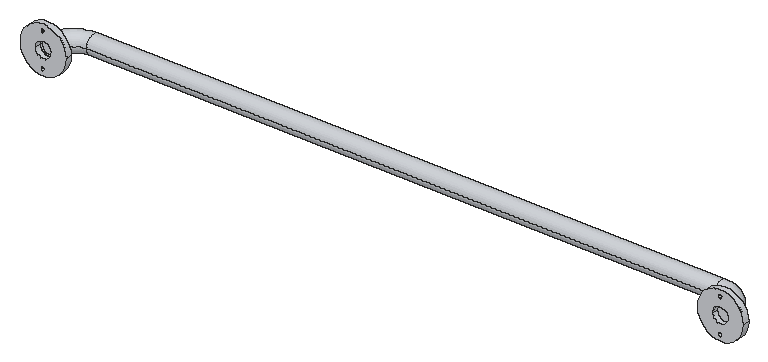
Revit family "AX8032X1270_0007", category Appareils sanitaires, Revit 2016
Family settings
  Hôte = Mur
  Type d'élément = Normal
  Cote de connecteur circulaire = Utiliser le diamètre
  Numéro OmniClass = 23.75.00.00
  Titre OmniClass = Climate Control (HVAC)
  Toujours verticalement = Oui
  Couper avec des vides une fois chargée = Non
  Partagée = Non
  Point de calcul de pièce = Non
Parameters (values of type "Type 1")
  URL = "https://www.axeuro.com/fr/barres-dappui-droites/24477-barre-d-appui-ax8032x1270.html"
  Type de produit / Type of product = "Barre de sécurité / Grab bar"  # constant formula
  Référence / Reference = "AX8032X1270"  # constant formula
  Model = ""
  Manufacturer = ""
  Entreprise / Company = "Axeuro"  # constant formula
  Description = ""
Reference planes
  plane 1 "Mur": y = 0
  plane 2 "Centre (gauche/droite)": x = 0
  plane 3 "Arrière": y = 75
  plane 4: z = 0
  plane 5: x = 800
  plane 6: z = 834.879
  plane 7: x = -800
Forms (mm)
  Extrusion 1, solid
    sketch origin (-404.5, 75, 0) x (-1, 0, 0) y (0, 0, -1)
      loop
        circle (190, -669.455) r 40.5
    from -10 to 0
  Sweep 2, solid
    path origin (628.5, -18.736, 669.511) x (1, 0, 0) y (0, 1, 0)
      loop
        line (-1223, 103.736) -> (-1223, 105.837)
        arc (-1223, 105.837) -> (-1210.142, 136.878) -> (-1179.102, 149.735) r 43.898
        line (-1179.102, 149.735) -> (-77.898, 149.735)
        arc (-77.898, 149.735) -> (-46.858, 136.878) -> (-34, 105.837) r 43.898
        line (-34, 105.837) -> (-34, 103.736)
    profile origin (0, 131, 669.511) x (0, 1, 0) y (0, 0, 1)
      loop
        circle (0, 0) r 16
  Extrusion 3, void
    sketch origin (444.5, 0, 0) x (1, 0, 0) y (0, 0, 1)
      loop
        circle (150, 669.455) r 14
    from -88.969 to -75
  Extrusion 4, void
    sketch origin (-444.5, 0, 0) x (-1, 0, 0) y (0, 0, -1)
      loop
        circle (150, -669.455) r 14
    from -88.969 to -75
  Extrusion 5, void
    sketch origin (-800.622, 0, 1337.127) x (1, 0, 0) y (0, 0, 1)
      loop
        circle (206.122, -697.622) r 3
    from -79.397 to -75
  Extrusion 6, void
    sketch origin (-800.622, 0, 1.883) x (1, 0, 0) y (0, 0, 1)
      loop
        circle (206.122, 697.622) r 3
    from -79.397 to -75
  Extrusion 7, void
    sketch origin (800.622, 0, 1337.127) x (-1, 0, 0) y (0, 0, -1)
      loop
        circle (206.122, 697.622) r 3
    from -79.397 to -75
  Extrusion 8, void
    sketch origin (800.622, 0, 1.883) x (-1, 0, 0) y (0, 0, -1)
      loop
        circle (206.122, -697.622) r 3
    from -79.397 to -75
  Extrusion 9, solid
    sketch origin (404.5, 75, 0) x (1, 0, 0) y (0, 0, 1)
      loop
        circle (190, 669.455) r 40.5
    from -10 to 0
Cuts and joins
  Extrusion 4 cuts Sweep 2
  Extrusion 4, Extrusion 5, Extrusion 6, Extrusion 7, Extrusion 8 cuts Extrusion 1
  Extrusion 3, Extrusion 7, Extrusion 8 cuts Extrusion 9
Text (mm)
  text "Côté de la mise en place" at (-1820.995, 1116.779, 0), in view "Niveau de réf."
  text "Côté de la mise en place" at (0, 1334.055, 2976.191), in view "Gauche"
  text "Côté de la mise en place" at (0, 439.194, 2944.362), in view "Droite"
Dimensions and locks
  locked: plane 3 "Arrière" to host wall
  aligned and locked: plane 1 "Mur" to host wall
  aligned and locked: host sketch curve to plane 4
  aligned and locked: host sketch curve to plane 6
